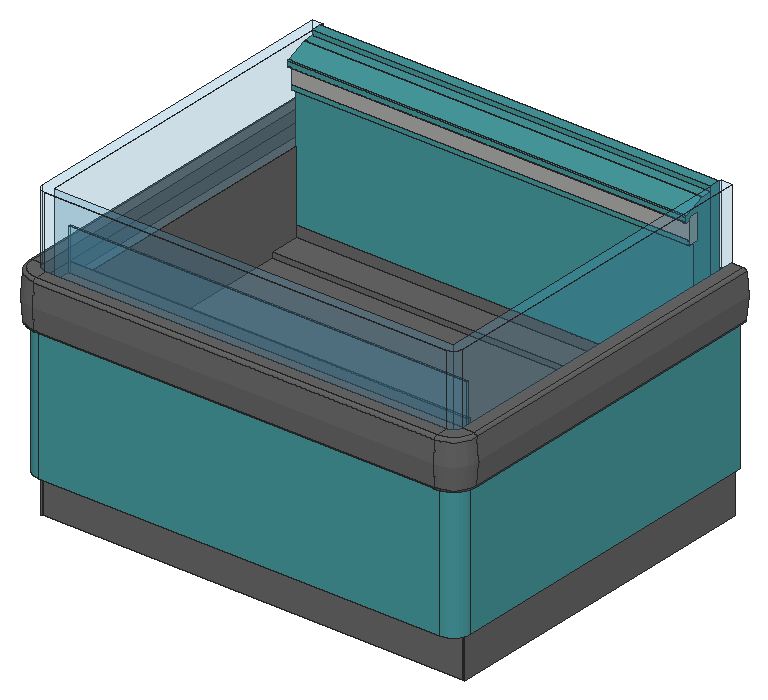
Revit family "OEWZ", category Mechanical Equipment, Revit 2017
Family settings
  Round Connector Dimension = Use Radius
  Part Type = Normal
  OmniClass Number = 23.40.40.11.17
  OmniClass Title = Refrigerated Cases
  Work Plane-Based = Yes
  Always vertical = Yes
  Cut with Voids When Loaded = No
  Shared = No
  Room Calculation Point = No
Parameters (values of type "04'")
  Width = 42 7/8"  # constant formula
  URL = "http://www.hillphoenix.com/?s=OEWZ"
  TOP REFRIGERATION PIPING = yes
  TOP ELECTRICAL = yes
  RT STD END = yes
  REFRIGERATION PIPING = COPPER PIPE
  RUBBER BUMPER [instance] = BLACK
  REAR REFRIGERATION PIPING = yes
  PAINTED METAL UPPER SHELF = PAINTED SHELVES
  PAINTED METAL INTERIOR [instance] = GALVANIZED STEEL
  PAINTED METAL EXTERIOR [instance] = CHARCOAL BROWN
  Model = "OEWZ"  # constant formula
  Manufacturer = "HILL PHOENIX"  # constant formula
  Length = 53 1/2"
  Legend Number = Model  # "OEWZ"
  LF STD END = yes
  Keynote = ""  # constant formula
  Item Description = Description  # "OEWZ - Island case"
  Island Superheat @ Bulb Set Point (°F) = "3-5 °F"  # constant formula
  Island Run-Off Time (Min) = "5 (Min)"  # constant formula
  Island Hot Gas Termination Temp (F°) = 60 °F  # constant formula
  Island Hot Gas Fail-Safe (Min) = "20 (Min)"  # constant formula
  Island High Efficiency Fans Watts = 11 W  # constant formula
  Island High Efficiency Fans Amps = 0.15 A  # constant formula
  Island Fans Per Case = 1  # constant formula
  Island Evaporator (°F) = -22 °F
  Island Electric Termination Temp (F°) = 45 °F  # constant formula
  Island Electric Fail-Safe = "50 (Min)"  # constant formula
  Island Discharge Air(°F) = -10 °F
  Island Discharge Air Velocity (FPM) = 255 FPM
  Island BTUH Parallel = 325  # constant formula
  Island BTUH Conventional = 359  # constant formula
  Island Anti-Condensate Heaters Watts = 82 W  # constant formula
  Island Anti-Condensate Heaters Amps = 0.68 A  # constant formula
  Island 240 Defrost Heaters Watts = 1065 W  # constant formula
  Island 240 Defrost Heaters Amps = 4.44 A  # constant formula
  Island 208V Defrost Heaters Watts = 800 A  # constant formula
  Island 208V Defrost Heaters Amps = 3.84 A  # constant formula
  Island  Case Length = 48"
  How Many Defrosts Per Day = 3  # constant formula
  Height = 35"  # constant formula
  GLASS = Glass
  EQUIPMENT MARK = Legend Number  # "OEWZ"
  EQUIPMENT DESCRIPTION = Item Description  # "OEWZ - Island case"
  Description = "OEWZ - Island case"  # constant formula
  Default Elevation = 48"
  DRAIN PIPING = yes
  DESIGNERS NAME = "SHIDDRAMESH"  # constant formula
  DATE = "04/18/2016"  # constant formula
  Certifications = "NSF 7, UL471, CSA"  # constant formula
  CENTER LINE = Length / 2  # 26 3/4"
  BOTTOM REFRIGERATION PIPING = yes
  BOTTOM ELECTRICAL = yes
  BASE [instance] = BLACK PAINTED METAL
  Assembly Code = ""
Reference planes (in)
  plane 1: z = 0.01963
  plane 2 "LEFT": x = 0
  plane 3 "CASE RIGHT": x = 53.5
  plane 4: z = 0
  plane 5: y = -15.80744
  plane 6: y = -58.68244
  plane 7: y = -56.68244
Forms (in)
  Sweep 1, solid, material "BLACK PAINTED METAL" <- "BASE"
    path origin (0, 0, 0) x (1, 0, 0) y (0, 1, 0)
      loop
        line (53.5, -15.80744) -> (53.5, -55.68244)
        arc (53.5, -55.68244) -> (52.62132, -57.80376) -> (50.5, -58.68244) r 3
        line (50.5, -58.68244) -> (3, -58.68244)
        arc (3, -58.68244) -> (0.87868, -57.80376) -> (0, -55.68244) r 3
        line (0, -55.68244) -> (0, -15.80744)
    profile origin (26.75, -58.68244, 0) x (0, -1, 0) y (0, 0, 1)
      loop
        arc (-0.48635, 20.99907) -> (-0.33258, 21.05882) -> (-0.24963, 21.20141) r 0.24969
        arc (-0.24963, 21.20141) -> (0, 23.75752) -> (-0.22677, 26.31577) r 13.84559
        arc (-0.22677, 26.31577) -> (-0.35885, 26.54632) -> (-0.60633, 26.64303) r 0.39951
        line (-0.60633, 26.64303) -> (-1.92333, 26.68722) -> (-1.92333, 25.26275) -> (-1.88496, 25.26275) -> (-1.88496, 20.95501) -> (-0.48635, 20.99907)
  Sweep 2, solid, material "CHARCOAL BROWN" <- "PAINTED METAL EXTERIOR"
    path origin (0, 0, 4.645) x (1, 0, 0) y (0, 1, 0)
      loop
        line (53.5, -15.80744) -> (53.5, -55.68244)
        arc (53.5, -55.68244) -> (52.62132, -57.80376) -> (50.5, -58.68244) r 3
        line (50.5, -58.68244) -> (3, -58.68244)
        arc (3, -58.68244) -> (0.87868, -57.80376) -> (0, -55.68244) r 3
        line (0, -55.68244) -> (0, -15.80744)
    profile origin (26.75, -58.68244, 4.645) x (0, -1, 0) y (0, 0, 1)
      loop
        line (-1.00532, 16.35407) -> (-1.88496, 16.35407) -> (-1.88496, 0.51575) -> (-1.00532, 0.51575) -> (-1.00532, 16.35407)
  Sweep 3, solid, material "BLACK PAINTED METAL" <- "BASE"
    path origin (0, 0, 5.75) x (1, 0, 0) y (0, 1, 0)
      loop
        line (53.5, -15.80744) -> (53.5, -55.68244)
        arc (53.5, -55.68244) -> (52.62132, -57.80376) -> (50.5, -58.68244) r 3
        line (50.5, -58.68244) -> (3, -58.68244)
        arc (3, -58.68244) -> (0.87868, -57.80376) -> (0, -55.68244) r 3
        line (0, -55.68244) -> (0, -15.80744)
    profile origin (26.75, -58.68244, 5.75) x (0, -1, 0) y (0, 0, 1)
      loop
        line (-2.9, 3.5165) -> (-2.9, -0.58925) -> (-1.88496, -0.58925) -> (-1.88496, 3.5165) -> (-2.9, 3.5165)
  Extrusion 4, solid, material "Glass" <- "GLASS"
    sketch origin (0, 0, -1.4375) x (1, 0, 0) y (0, 1, 0)
      loop
        line (51.61504, -15.80744) -> (50.32667, -15.80744) -> (50.32667, -55.50911) -> (3.17333, -55.50911) -> (3.17333, -15.80744) -> (1.88496, -15.80744) -> (1.88496, -55.68244)
        arc (1.88496, -55.68244) -> (2.20031, -56.44376) -> (2.96163, -56.75911) r 1.07667
        line (2.96163, -56.75911) -> (50.53837, -56.75911)
        arc (50.53837, -56.75911) -> (51.29969, -56.44376) -> (51.61504, -55.68244) r 1.07667
        line (51.61504, -55.68244) -> (51.61504, -15.80744)
    from 25.26275 to 36.48125
  Extrusion 5, solid
    sketch origin (0, 0, 0) x (0, 1, 0) y (0, 0, 1)
      loop
        line (-55.78244, 5.16075) -> (-50.89096, 5.16075) -> (-55.78244, 9.2665) -> (-55.78244, 5.16075)
    from 3.17333 to 50.32667
  Extrusion 6, solid, material "BLACK PAINTED METAL" <- "BASE"
    sketch origin (-175, 0, 0) x (0, 1, 0) y (0, 0, 1)
      loop
        line (-18.34748, 25.15075) -> (-18.34748, 14.36531)
        arc (-18.34748, 14.36531) -> (-20.0365, 10.18485) -> (-24.15546, 8.35097) r 6.018
        line (-24.15546, 8.35097) -> (-40.65933, 7.77465) -> (-43.80529, 6.18589) -> (-46.04393, 6.10771) -> (-49.41038, 7.52246)
        arc (-49.41038, 7.52246) -> (-53.27877, 9.47036) -> (-54.83733, 13.51136) r 6.018
        line (-54.83733, 13.51136) -> (-54.83733, 15.29026) -> (-56.79748, 15.29026) -> (-56.79748, 10.11849) -> (-50.89096, 5.16075) -> (-16.38648, 5.16075) -> (-16.38648, 25.15075) -> (-18.34748, 25.15075)
    from 178.17333 to 225.32667
  Extrusion 7, solid, material "CHARCOAL BROWN" <- "PAINTED METAL EXTERIOR"
    sketch origin (-175, -0.0625, 0) x (0, 1, 0) y (0, 0, 1)
      loop
        line (-17.27398, 25.15075) -> (-17.27398, 34.5393) -> (-18.56898, 34.5393) -> (-18.56898, 34.4768) -> (-20.93097, 33.53917)
        arc (-20.93097, 33.53917) -> (-20.95962, 33.51652) -> (-20.97111, 33.48185) r 0.06365
        line (-20.97111, 33.48185) -> (-20.97111, 32.86286)
        arc (-20.97111, 32.86286) -> (-20.95324, 32.81973) -> (-20.91011, 32.80186) r 0.061
        line (-20.91011, 32.80186) -> (-20.40561, 32.80186) -> (-20.40561, 33.2623) -> (-19.46811, 33.2623) -> (-19.46811, 30.21804) -> (-20.37661, 30.21804)
        arc (-20.37661, 30.21804) -> (-20.39711, 30.22654) -> (-20.40561, 30.24704) r 0.029
        line (-20.40561, 30.24704) -> (-20.40561, 30.68704) -> (-20.43661, 30.68704) -> (-20.43661, 30.18704) -> (-19.82998, 30.18704) -> (-19.82998, 15.49954) -> (-18.28498, 15.49954) -> (-18.28498, 25.15075) -> (-17.27398, 25.15075)
    from 178.17333 to 225.32667
  Extrusion 8, solid, material "GALVANIZED STEEL"
    sketch origin (-175, -0.125, 0.4607) x (0, 1, 0) y (0, 0, 1)
      loop
        line (-20.34311, 32.8016) -> (-20.34311, 29.75734) -> (-19.40561, 29.75734) -> (-19.40561, 32.8016) -> (-20.34311, 32.8016)
    from 178.17333 to 225.32667
  Extrusion 9, solid, material "CHARCOAL BROWN" <- "PAINTED METAL EXTERIOR"
    sketch origin (-175, 0, 0.105) x (0, 1, 0) y (0, 0, 1)
      loop
        line (-16.26848, 35.05705) -> (-17.33648, 35.05705) -> (-17.33648, 25.04575) -> (-16.26848, 25.04575) -> (-16.26848, 35.05705)
    from 178.17333 to 225.32667
  Extrusion 10, solid, material "CHARCOAL BROWN" <- "PAINTED METAL EXTERIOR"
    sketch origin (-175, 0, 0) x (0, 1, 0) y (0, 0, 1)
      loop
        line (-15.80744, 25.76275) -> (-16.26848, 25.76275) -> (-16.26848, 25.15075) -> (-16.38648, 25.15075) -> (-16.38648, 5.16075) -> (-15.80744, 5.16075) -> (-15.80744, 25.76275)
    from 178.17333 to 225.32667
  Extrusion 11, solid, material "BLACK PAINTED METAL" <- "BASE"
    sketch origin (-175, 0, 0) x (0, 1, 0) y (0, 0, 1)
      loop
        line (-18.34748, 15.49954) -> (-19.89248, 15.49954) -> (-19.89248, 14.24954) -> (-23.48823, 14.24954) -> (-23.48823, 13.62454) -> (-50.89778, 13.62454) -> (-50.89778, 14.24954) -> (-53.17903, 14.24954) -> (-53.17903, 15.49954) -> (-54.83733, 15.49954) -> (-54.83733, 13.51136)
        arc (-54.83733, 13.51136) -> (-53.27877, 9.47036) -> (-49.41038, 7.52246) r 6.018
        line (-49.41038, 7.52246) -> (-46.04393, 6.10771) -> (-43.80529, 6.18589) -> (-40.65933, 7.77465) -> (-24.15546, 8.35097)
        arc (-24.15546, 8.35097) -> (-20.0365, 10.18485) -> (-18.34748, 14.36531) r 6.018
        line (-18.34748, 14.36531) -> (-18.34748, 15.49954)
    from 178.17333 to 225.32667
  Extrusion 12, solid, material "BLACK PAINTED METAL" <- "BASE"
    sketch origin (-175, 0, 0) x (0, 1, 0) y (0, 0, 1)
      loop
        line (-53.17903, 15.49954) -> (-53.17903, 24.06434) -> (-53.55603, 24.06434) -> (-53.55603, 25.24972) -> (-54.83733, 25.24972) -> (-54.83733, 15.49954) -> (-53.17903, 15.49954)
    from 178.17333 to 225.32667
  Extrusion 13, solid, material "BLACK PAINTED METAL" <- "BASE"
    sketch origin (-175, 0.125, 0) x (0, 1, 0) y (0, 0, 1)
      loop
        line (-53.30403, 26.18934) -> (-53.30403, 22.40754) -> (-53.21103, 22.40754) -> (-53.21103, 26.18934) -> (-53.30403, 26.18934)
    from 178.17333 to 225.32667
  Extrusion 14, solid, material "Glass" <- "GLASS"
    sketch origin (-175, 0.125, 0) x (0, 1, 0) y (0, 0, 1)
      loop
        line (-53.68103, 30.18934) -> (-53.68103, 24.06434) -> (-53.30403, 24.06434) -> (-53.30403, 30.18934) -> (-53.68103, 30.18934)
    from 178.17333 to 225.32667
  Extrusion 15, solid, material "BLACK PAINTED METAL" <- "BASE"
    sketch origin (-175, 0, 0) x (0, 1, 0) y (0, 0, 1)
      loop
        line (-54.83733, 19.56157) -> (-56.79748, 19.56157) -> (-56.79748, 15.29026) -> (-54.83733, 15.29026) -> (-54.83733, 19.56157)
    from 178.17333 to 225.32667
  Extrusion 16, solid, material "BLACK PAINTED METAL" <- "BASE"
    sketch origin (0, 0, -0.01303) x (1, 0, 0) y (0, 1, 0)
      loop
        line (51.61504, -15.80744) -> (50.32667, -15.80744) -> (50.32667, -55.50911) -> (3.17333, -55.50911) -> (3.17333, -15.80744) -> (1.88496, -15.80744) -> (1.88496, -55.68244)
        arc (1.88496, -55.68244) -> (2.21154, -56.47089) -> (3, -56.79748) r 1.11504
        line (3, -56.79748) -> (50.5, -56.79748)
        arc (50.5, -56.79748) -> (51.28846, -56.47089) -> (51.61504, -55.68244) r 1.11504
        line (51.61504, -55.68244) -> (51.61504, -15.80744)
    from 9.2665 to 23.83828
  Extrusion 17, solid, material "BLACK PAINTED METAL" <- "BASE"
    sketch origin (23, 1.2935, -0.11317) x (0, 1, 0) y (0, 0, 1)
      loop
        line (-57.00198, 5.27392) -> (-57.00198, 0.11317) -> (-53.77098, 0.11317) -> (-53.77098, 5.27392) -> (-57.00198, 5.27392)
    from -21.11504 to 28.61504
  Extrusion 18, solid, material "BLACK PAINTED METAL" <- "BASE"
    sketch origin (23, 0, 0) x (0, 1, 0) y (0, 0, 1)
      loop
        line (-50.66498, 0.203) -> (-50.66498, 0.9805) -> (-50.99348, 0.9805) -> (-50.99348, 3.764) -> (-22.24348, 3.764) -> (-22.24348, 0.9805) -> (-22.53998, 0.9805) -> (-22.53998, 0.203)
        arc (-22.53998, 0.203) -> (-22.48053, 0.05946) -> (-22.33698, 0) r 0.203
        line (-22.33698, 0) -> (-20.96248, 0)
        arc (-20.96248, 0) -> (-20.81894, 0.05946) -> (-20.75948, 0.203) r 0.203
        line (-20.75948, 0.203) -> (-20.75948, 5.09825) -> (-52.47748, 5.09825) -> (-52.47748, 0.203)
        arc (-52.47748, 0.203) -> (-52.41803, 0.05946) -> (-52.27448, 0) r 0.203
        line (-52.27448, 0) -> (-50.86798, 0)
        arc (-50.86798, 0) -> (-50.72444, 0.05946) -> (-50.66498, 0.203) r 0.203
    from -21.11504 to 28.61504
  Extrusion 19, solid, material "BLACK PAINTED METAL" <- "BASE"
    sketch origin (23, 4.82607, 0) x (0, 1, 0) y (0, 0, 1)
      loop
        line (-20.75952, 5.1327) -> (-20.75952, 0) -> (-20.63351, 0) -> (-20.63351, 5.1327) -> (-20.75952, 5.1327)
    from -21.11504 to 28.61504
  Extrusion 20, solid, material "BLACK PAINTED METAL" <- "BASE"
    sketch origin (1.78496, 0, 0) x (0, 1, 0) y (0, 0, 1)
      loop
        line (-15.80744, 0) -> (-15.80744, 5.16075) -> (-55.70848, 5.16075) -> (-55.70848, 0) -> (-15.80744, 0)
    from 0.1 to -0.15
  Extrusion 21, solid, material "BLACK PAINTED METAL" <- "BASE"
    sketch origin (51.61504, 0, 0) x (0, 1, 0) y (0, 0, 1)
      loop
        line (-15.80744, 0) -> (-15.80744, 5.16075) -> (-55.70848, 5.16075) -> (-55.70848, 0) -> (-15.80744, 0)
    from 0 to 0.25
  Extrusion 22, void
    sketch origin (0, 0, 0) x (1, 0, 0) y (0, 1, 0)
      loop
        circle (39.48934, -44.80302) r 2
    from 3.55018 to 6.0368
  Extrusion 23, solid, material "COPPER PIPE" <- "REFRIGERATION PIPING", visible <- "DRAIN PIPING"
    sketch origin (0, 0, 0) x (1, 0, 0) y (0, 1, 0)
      loop
        circle (39.48934, -44.80302) r 1.5
    from 3.55018 to 6.02786
  Extrusion 24, solid, visible <- "BOTTOM ELECTRICAL"
    sketch origin (0, 0, 0) x (1, 0, 0) y (0, 1, 0)
      loop
        line (19.11422, -17.6703) -> (10.73922, -17.6703) -> (10.73922, -20.03061) -> (19.11422, -20.03061) -> (19.11422, -17.6703)
    from 5.16075 to 4.91075
  Extrusion 25, solid, material "COPPER PIPE" <- "REFRIGERATION PIPING", visible <- "REAR REFRIGERATION PIPING"
    sketch origin (72, -10.74044, 0) x (-1, 0, 0) y (0, 0, 1)
      loop
        circle (26.92607, 12.51963) r 0.375
      loop
        circle (25.03402, 12.51963) r 0.5
      loop
        circle (63.57393, 12.51963) r 0.375
      loop
        circle (65.46598, 12.51963) r 0.5
    from -4.72842 to -7.067
  Sweep 26, void
    path origin (0, 0, 0) x (1, 0, 0) y (0, 1, 0)
      loop
        line (46.08843, -15.80744) -> (46.08843, -17.80744)
    profile origin (46.08843, -16.80744, 0) x (1, 0, 0) y (0, 0, 1)
      loop
        circle (0, 12.5) r 2
      loop
        circle (-38.67685, 12.5) r 2
Cuts and joins
  Extrusion 22 cuts Extrusion 18
  Sweep 26 cuts Sweep 2
  Sweep 26 cuts Extrusion 10
  Sweep 26 cuts Extrusion 16
  Sweep 26 cuts Extrusion 6
  Sweep 26 cuts Extrusion 7
Dimensions and locks (in)
  "Length": plane 2 "LEFT" to plane 3 "CASE RIGHT"
  "Width": plane 5 to plane 6
  cut or joined group of Extrusion 18, Extrusion 22 to cut or joined group of Extrusion 18, Extrusion 22 = 28 1/8"
  Sweep 3 to plane 7 = 40 7/8"
  cut or joined group of Extrusion 18, Extrusion 22 to plane 6 = 8.01746"
  plane 4 to Sweep 1 = 26.68722"
  plane 4 to Extrusion 4 = 35.04375"
  Extrusion 4 to Sweep 1 = 8.35653"
  cut or joined group of Extrusion 7, Sweep 26 to Extrusion 12 = 33.28654"
  Sweep 3 to cut or joined group of Extrusion 18, Extrusion 22 = 6.73254"
  cut or joined group of Extrusion 7, Sweep 26 to Extrusion 11 = 15.9685"
  cut or joined group of Extrusion 7, Sweep 26 to Extrusion 14 = 32.14542"
Automatic sketch dimensions
  Sweep 1 sketch curve to plane 2 "LEFT" = 0"
  plane 6 to Sweep 1 sketch curve = 0"
  Sweep 1 sketch curve to plane 3 "CASE RIGHT" = 0"
  plane 5 to Sweep 1 sketch curve = 0"  (x2)
  plane 2 "LEFT" to Sweep 1 sketch curve = 3"
  Sweep 1 sketch curve to plane 3 "CASE RIGHT" = 3"
  Sweep 2 sketch curve to plane 2 "LEFT" = 0"
  plane 6 to Sweep 2 sketch curve = 0"
  Sweep 2 sketch curve to plane 3 "CASE RIGHT" = 0"
  plane 5 to Sweep 2 sketch curve = 0"  (x2)
  plane 2 "LEFT" to Sweep 2 sketch curve = 3"
  Sweep 2 sketch curve to plane 3 "CASE RIGHT" = 3"
  profile plane to Sweep 2 sketch curve = 0.51575"
  profile plane to Sweep 2 sketch curve = 1.88496"
  Sweep 2 sketch curve to Sweep 2 sketch curve = 0.87964"
  profile plane to Sweep 2 sketch curve = 16.35407"
  Sweep 3 sketch curve to plane 2 "LEFT" = 0"
  plane 6 to Sweep 3 sketch curve = 0"
  Sweep 3 sketch curve to plane 3 "CASE RIGHT" = 0"
  plane 5 to Sweep 3 sketch curve = 0"  (x2)
  plane 2 "LEFT" to Sweep 3 sketch curve = 3"
  Sweep 3 sketch curve to plane 3 "CASE RIGHT" = 3"
  Sweep 3 sketch curve to profile plane = 0.58925"
  profile plane to Sweep 3 sketch curve = 2.9"
  Sweep 3 sketch curve to Sweep 3 sketch curve = 1.01504"
  profile plane to Sweep 3 sketch curve = 3.5165"
  plane 5 to Extrusion 4 sketch curve = 0"  (x2)
  plane 2 "LEFT" to Extrusion 4 sketch curve = 1.88496"
  Extrusion 4 sketch curve to Extrusion 4 sketch curve = 1.07667"  (x2)
  Extrusion 4 sketch curve to Extrusion 4 sketch curve = 0.2117"  (x2)
  Extrusion 4 sketch curve to plane 3 "CASE RIGHT" = 3.17333"
  Extrusion 4 sketch curve to plane 6 = 3.17333"
  Extrusion 4 sketch curve to Extrusion 4 sketch curve = 0.17333"
  Extrusion 5 sketch curve to plane 6 = 2.9"
  Extrusion 5 sketch curve to Extrusion 5 sketch curve = 4.89148"
  plane 1 to Extrusion 5 sketch curve = 5.14112"
  Extrusion 5 sketch curve to Extrusion 5 sketch curve = 4.10575"
  Extrusion 6 sketch curve to plane 6 = 1.88496"
  Extrusion 6 sketch curve to Extrusion 6 sketch curve = 1.96016"
  Extrusion 6 sketch curve to Extrusion 6 sketch curve = 5.90652"
  Extrusion 6 sketch curve to Extrusion 6 sketch curve = 1.48058"
  Extrusion 6 sketch curve to Extrusion 6 sketch curve = 0.59105"
  plane 1 to Extrusion 6 sketch curve = 6.08808"
  Extrusion 6 sketch curve to Extrusion 6 sketch curve = 3.36645"
  plane 1 to Extrusion 6 sketch curve = 6.16626"
  Extrusion 6 sketch curve to Extrusion 6 sketch curve = 2.23864"
  plane 1 to Extrusion 6 sketch curve = 7.75502"
  Extrusion 6 sketch curve to Extrusion 6 sketch curve = 3.14596"
  plane 5 to Extrusion 6 sketch curve = 8.55804"
  Extrusion 6 sketch curve to Extrusion 6 sketch curve = 0.21003"
  plane 5 to Extrusion 6 sketch curve = 2.54004"
  plane 5 to Extrusion 6 sketch curve = 0.57904"
  Extrusion 6 sketch curve to Extrusion 6 sketch curve = 0.94696"
  Extrusion 6 sketch curve to Extrusion 6 sketch curve = 2.36171"
  plane 1 to Extrusion 6 sketch curve = 8.33134"
  Extrusion 6 sketch curve to Extrusion 6 sketch curve = 3.39287"
  Extrusion 6 sketch curve to Extrusion 6 sketch curve = 1.7789"
  plane 5 to Extrusion 8 sketch curve = 4.66067"
  Extrusion 8 sketch curve to Extrusion 8 sketch curve = 15/16"
  plane 5 to Extrusion 9 sketch curve = 1.52904"
  plane 5 to Extrusion 9 sketch curve = 0.46104"
  Extrusion 10 sketch curve to plane 5 = 0"
  Extrusion 10 sketch curve to Extrusion 10 sketch curve = 0.46104"
  Extrusion 10 sketch curve to Extrusion 10 sketch curve = 0.57904"
  plane 1 to Extrusion 10 sketch curve = 5.14112"
  Extrusion 10 sketch curve to Extrusion 10 sketch curve = 0.612"
  Extrusion 12 sketch curve to plane 6 = 3.84511"
  Extrusion 12 sketch curve to Extrusion 12 sketch curve = 1.2813"
  Extrusion 12 sketch curve to Extrusion 12 sketch curve = 1.6583"
  plane 1 to Extrusion 12 sketch curve = 15.47991"
  Extrusion 12 sketch curve to Extrusion 12 sketch curve = 8.5648"
  Extrusion 12 sketch curve to Extrusion 12 sketch curve = 1.18537"
  Extrusion 13 sketch curve to plane 6 = 5.50341"
  Extrusion 13 sketch curve to Extrusion 13 sketch curve = 0.093"
  Extrusion 13 sketch curve to Extrusion 13 sketch curve = 3.7818"
  Extrusion 14 sketch curve to plane 6 = 5.12641"
  Extrusion 14 sketch curve to Extrusion 14 sketch curve = 0.377"
  Extrusion 15 sketch curve to plane 6 = 1.88496"
  Extrusion 15 sketch curve to Extrusion 15 sketch curve = 1.96016"
  plane 1 to Extrusion 15 sketch curve = 15.27063"
  plane 5 to Extrusion 16 sketch curve = 0"  (x2)
  plane 2 "LEFT" to Extrusion 16 sketch curve = 1.88496"
  Extrusion 16 sketch curve to Extrusion 16 sketch curve = 1.11504"
  Extrusion 16 sketch curve to Extrusion 16 sketch curve = 0.17333"  (x3)
  Extrusion 16 sketch curve to plane 3 "CASE RIGHT" = 3.17333"
  Extrusion 16 sketch curve to Extrusion 16 sketch curve = 1.28837"
  Extrusion 16 sketch curve to plane 6 = 3.17333"
  Extrusion 17 sketch curve to level = 0"
  Extrusion 17 sketch curve to plane 6 = 2.97396"
  Extrusion 17 sketch curve to Extrusion 17 sketch curve = 3.231"
  plane 1 to Extrusion 17 sketch curve = 5.14112"
  level to Extrusion 18 sketch curve = 0"  (x2)
  Extrusion 18 sketch curve to Extrusion 18 sketch curve = 0.1255"
  plane 1 to Extrusion 18 sketch curve = 0.18337"  (x4)
  plane 1 to Extrusion 18 sketch curve = 0.96087"
  plane 5 to Extrusion 18 sketch curve = 6.73254"
  Extrusion 18 sketch curve to Extrusion 18 sketch curve = 0.2965"
  plane 5 to Extrusion 18 sketch curve = 4.95204"
  Extrusion 18 sketch curve to Extrusion 18 sketch curve = 0.7775"
  Extrusion 18 sketch curve to Extrusion 18 sketch curve = 2.7835"
  Extrusion 18 sketch curve to Extrusion 18 sketch curve = 1.33425"
  level to Extrusion 19 sketch curve = 0"
  Extrusion 19 sketch curve to plane 5 = 0"
  Extrusion 19 sketch curve to Extrusion 19 sketch curve = 0.12602"
  plane 1 to Extrusion 19 sketch curve = 5.11307"
  level to Extrusion 20 sketch curve = 0"
  Extrusion 20 sketch curve to plane 5 = 0"
  Extrusion 20 sketch curve to plane 6 = 2.97396"
  plane 1 to Extrusion 20 sketch curve = 5.14112"
  level to Extrusion 21 sketch curve = 0"
  Extrusion 21 sketch curve to plane 5 = 0"
  Extrusion 21 sketch curve to plane 6 = 2.97396"
  plane 1 to Extrusion 21 sketch curve = 5.14112"
  plane 5 to Extrusion 24 sketch curve = 1.86286"
  plane 2 "LEFT" to Extrusion 24 sketch curve = 10.73922"
  Extrusion 24 sketch curve to Extrusion 24 sketch curve = 8 3/8"
  Extrusion 24 sketch curve to Extrusion 24 sketch curve = 2.36031"
  Extrusion 25 sketch curve to plane 3 "CASE RIGHT" = 6.53402"
  Extrusion 25 sketch curve to Extrusion 25 sketch curve = 1.89204"  (x2)
  plane 2 "LEFT" to Extrusion 25 sketch curve = 8.42607"
  plane 1 to Extrusion 25 sketch curve = 12 1/2"  (x2)
  Extrusion 25 sketch curve to Extrusion 25 sketch curve = 0"  (x2)
  plane 5 to Sweep 26 sketch curve = 0"
  plane 5 to Sweep 26 sketch curve = 2"
  Sweep 26 sketch curve to plane 3 "CASE RIGHT" = 7.41157"
  profile plane to Sweep 26 sketch curve = 0"
  level to Sweep 26 sketch curve = 12 1/2"  (x2)
  profile plane to Sweep 26 sketch curve = 38.67685"
  plane 5 to Extrusion 7 sketch curve = 5.22617"
  Extrusion 7 sketch curve to Extrusion 7 sketch curve = 0.04014"
  Extrusion 7 sketch curve to Extrusion 7 sketch curve = 0.061"
  Extrusion 7 sketch curve to Extrusion 7 sketch curve = 0.02348"
  Extrusion 7 sketch curve to Extrusion 7 sketch curve = 0.4735"
  Extrusion 7 sketch curve to Extrusion 7 sketch curve = 0.031"  (x2)
  Extrusion 7 sketch curve to Extrusion 7 sketch curve = 0.5045"
  Extrusion 7 sketch curve to Extrusion 7 sketch curve = 0.029"
  Extrusion 7 sketch curve to Extrusion 7 sketch curve = 0.54662"
  Extrusion 7 sketch curve to Extrusion 7 sketch curve = 0.36188"
  Extrusion 7 sketch curve to Extrusion 7 sketch curve = 0.89912"
  Extrusion 7 sketch curve to Extrusion 7 sketch curve = 1.545"
  Extrusion 7 sketch curve to Extrusion 7 sketch curve = 1.011"
  Extrusion 7 sketch curve to Extrusion 7 sketch curve = 0.21772"
  Extrusion 7 sketch curve to Extrusion 7 sketch curve = 0.61899"
  Extrusion 7 sketch curve to Extrusion 7 sketch curve = 2.11481"
  Extrusion 7 sketch curve to Extrusion 7 sketch curve = 0.44"
  Extrusion 7 sketch curve to Extrusion 7 sketch curve = 5.06729"
  Extrusion 7 sketch curve to Extrusion 7 sketch curve = 9.65121"
  Extrusion 11 sketch curve to plane 6 = 3.84511"
  plane 1 to Extrusion 11 sketch curve = 6.08808"
  Extrusion 11 sketch curve to Extrusion 11 sketch curve = 3.36645"
  plane 1 to Extrusion 11 sketch curve = 6.16626"
  Extrusion 11 sketch curve to Extrusion 11 sketch curve = 2.23864"
  plane 1 to Extrusion 11 sketch curve = 7.75502"
  Extrusion 11 sketch curve to Extrusion 11 sketch curve = 3.14596"
  Extrusion 11 sketch curve to Extrusion 11 sketch curve = 0.21003"
  plane 5 to Extrusion 11 sketch curve = 2.54004"
  Extrusion 11 sketch curve to Extrusion 11 sketch curve = 1.41474"
  plane 1 to Extrusion 11 sketch curve = 8.33134"
  Extrusion 11 sketch curve to Extrusion 11 sketch curve = 1.98818"
  Extrusion 6 sketch curve to Extrusion 6 sketch curve = 10.78544"
  plane 1 to Extrusion 7 sketch curve = 15.47991"
  Extrusion 7 sketch curve to Extrusion 7 sketch curve = 0.46044"
  Extrusion 7 sketch curve to Extrusion 7 sketch curve = 1.2145"
  Extrusion 7 sketch curve to Extrusion 7 sketch curve = 1/16"
  plane 1 to Extrusion 8 sketch curve = 30.19841"
  Extrusion 8 sketch curve to Extrusion 8 sketch curve = 3.04426"
  plane 1 to Extrusion 9 sketch curve = 25.13112"
  Extrusion 9 sketch curve to Extrusion 9 sketch curve = 10.0113"
  Extrusion 10 sketch curve to Extrusion 10 sketch curve = 19.99"
  plane 1 to Extrusion 13 sketch curve = 22.38791"
  plane 1 to Extrusion 14 sketch curve = 24.04471"
  Extrusion 14 sketch curve to Extrusion 14 sketch curve = 6 1/8"
  Extrusion 15 sketch curve to Extrusion 15 sketch curve = 4.27131"
  profile plane to Sweep 1 sketch curve = 0.49482"
  Sweep 1 sketch curve to Sweep 1 sketch curve = 0.00847"
  level to Sweep 1 sketch curve = 20.99907"
  Sweep 1 sketch curve to Sweep 1 sketch curve = 0.24955"
  profile plane to Sweep 1 sketch curve = 0.24963"
  Sweep 1 sketch curve to Sweep 1 sketch curve = 0.04407"
  Sweep 1 sketch curve to Sweep 1 sketch curve = 11.9605"
  Sweep 1 sketch curve to Sweep 1 sketch curve = 0"  (x2)
  profile plane to Sweep 1 sketch curve = 0.22677"
  Sweep 1 sketch curve to Sweep 1 sketch curve = 0.39296"
  Sweep 1 sketch curve to Sweep 1 sketch curve = 0.0134"
  Sweep 1 sketch curve to Sweep 1 sketch curve = 1.31699"
  Sweep 1 sketch curve to Sweep 1 sketch curve = 0.04419"
  Sweep 1 sketch curve to Sweep 1 sketch curve = 1.42447"
  Sweep 1 sketch curve to Sweep 1 sketch curve = 0.03837"
  Extrusion 11 sketch curve to Extrusion 11 sketch curve = 1.6583"
  Extrusion 11 sketch curve to Extrusion 11 sketch curve = 0.73818"
  Extrusion 11 sketch curve to Extrusion 11 sketch curve = 5/8"  (x2)
  Extrusion 11 sketch curve to Extrusion 11 sketch curve = 0.87725"
  Extrusion 11 sketch curve to Extrusion 11 sketch curve = 1.545"
  Extrusion 11 sketch curve to Extrusion 11 sketch curve = 0.11576"
  Extrusion 11 sketch curve to Extrusion 11 sketch curve = 1.13424"
  Extrusion 11 sketch curve to Extrusion 11 sketch curve = 2 9/32"
  Extrusion 11 sketch curve to Extrusion 11 sketch curve = 1.4874"
  Extrusion 11 sketch curve to Extrusion 11 sketch curve = 2.07845"
  Extrusion 18 sketch curve to plane 6 = 8.01746"
  Extrusion 18 sketch curve to Extrusion 18 sketch curve = 1.484"
  radius of Extrusion 25 sketch curve = 3/8"  (x2)
  radius of Extrusion 25 sketch curve = 1/2"  (x2)
  radius of Sweep 26 sketch curve = 2"  (x2)
Connectors (in)
  piping at (39.48934, -44.80302, 3.55018), diameter 1.5
    settings: on Extrusion 23, index 1, connector inside diameter 1 1/2", connector length 0", flow factor 0, pipe flow 0 GPM, pressure drop 0.00 psi, fitting loss kfactor 0, connector angle 0.000°, fixture units 0, engagement length 0", angle of deflection 0.000°, flow configuration 0, flow direction 2, fitting loss method 0, system type 16, joint type 0, gender type 0, connector reference index -1, connector utility 0, adjustable connector no, is connector primary yes, connector description "SANITARY CONNECTION"
  piping at (46.96598, -15.46885, 12.51963), diameter 0.5
    settings: on Extrusion 25, index 2, connector inside diameter 1/2", connector length 0", flow factor 0, pipe flow 0 GPM, pressure drop 0.00 psi, fitting loss kfactor 0, connector angle 0.000°, fixture units 0, engagement length 0", angle of deflection 0.000°, flow configuration 0, flow direction 2, fitting loss method 0, system type 7, joint type 0, gender type 0, connector reference index -1, connector utility 0, adjustable connector no, is connector primary no, connector description "SUCTION LINE CONNECTION"
  piping at (45.07393, -15.46885, 12.51963), diameter 0.375
    settings: on Extrusion 25, index 3, connector inside diameter 3/8", connector length 0", flow factor 0, pipe flow 0 GPM, pressure drop 0.00 psi, fitting loss kfactor 0, connector angle 0.000°, fixture units 0, engagement length 0", angle of deflection 0.000°, flow configuration 0, flow direction 1, fitting loss method 0, system type 8, joint type 0, gender type 0, connector reference index -1, connector utility 0, adjustable connector no, is connector primary no, connector description "LIQUID LINE CONNECTION"
  piping at (8.42607, -15.46885, 12.51963), diameter 0.375
    settings: on Extrusion 25, index 4, connector inside diameter 3/8", connector length 0", flow factor 0, pipe flow 0 GPM, pressure drop 0.00 psi, fitting loss kfactor 0, connector angle 0.000°, fixture units 0, engagement length 0", angle of deflection 0.000°, flow configuration 0, flow direction 1, fitting loss method 0, system type 8, joint type 0, gender type 0, connector reference index -1, connector utility 0, adjustable connector no, is connector primary no, connector description "LIQUID LINE CONNECTION"
  piping at (6.53402, -15.46885, 12.51963), diameter 0.5
    settings: on Extrusion 25, index 5, connector inside diameter 1/2", connector length 0", flow factor 0, pipe flow 0 GPM, pressure drop 0.00 psi, fitting loss kfactor 0, connector angle 0.000°, fixture units 0, engagement length 0", angle of deflection 0.000°, flow configuration 0, flow direction 2, fitting loss method 0, system type 7, joint type 0, gender type 0, connector reference index -1, connector utility 0, adjustable connector no, is connector primary no, connector description "SUCTION LINE CONNECTION"
  electrical at (12.96714, -18.84623, 4.91075)
    settings: on Extrusion 24, index 12, voltage 120 V, apparent load 11 VA, apparent load phase1 0 VA, apparent load phase2 0 VA, apparent load phase3 0 VA, power factor 1, load classification "Motor", number of poles 1, system type 30, power factor state 1, is connector primary yes, connector utility no, sub classification motor no, connector description "HIGH EFFICIENCY FANS CONNECTION"
  electrical at (14.96714, -18.84623, 4.91075)
    settings: on Extrusion 24, index 13, voltage 120 V, apparent load 82 VA, apparent load phase1 0 VA, apparent load phase2 0 VA, apparent load phase3 0 VA, power factor 1, load classification "Power", number of poles 1, system type 30, power factor state 1, is connector primary no, connector utility no, sub classification motor no, connector description "ANTI-SWEAT CONNECTION"
  electrical at (16.96714, -18.84623, 4.91075)
    settings: on Extrusion 24, index 14, voltage 208 V, apparent load 800 VA, apparent load phase1 0 VA, apparent load phase2 0 VA, apparent load phase3 0 VA, power factor 1, load classification "Other", number of poles 1, system type 30, power factor state 1, is connector primary no, connector utility no, sub classification motor no, connector description "DEFROST HEATER CONNECTION"
